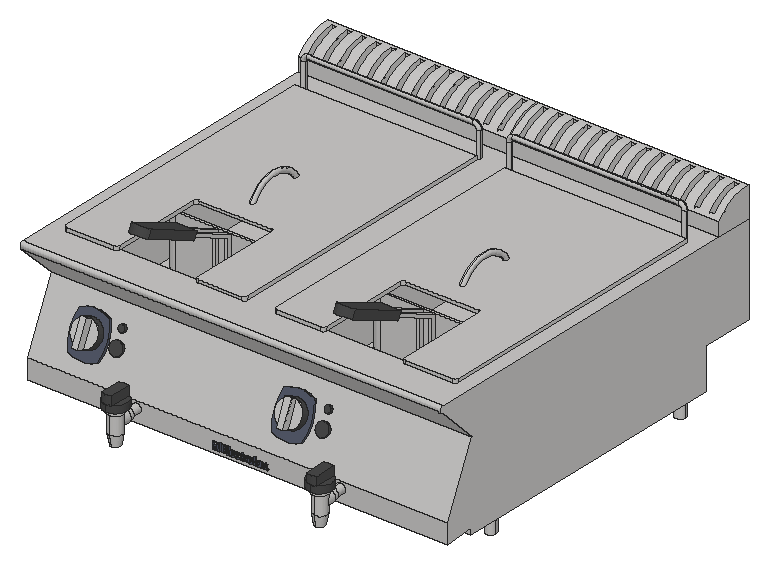
Revit family "QF_ELECTROLUXPROFESSIONAL_371423_E7KKBTAOMEI", category Attrezzature speciali, Revit 2018 (continued)
Automatic sketch dimensions
  Extrusion 31 sketch curve to Extrusion 31 sketch curve = 57.15 mm
  plane 1 "BACK" to Extrusion 32 sketch curve = 6.761 mm
  plane 3 "LEFT" to Extrusion 32 sketch curve = 78.433 mm
  Extrusion 32 sketch curve to Extrusion 32 sketch curve = 9.296 mm
  Extrusion 32 sketch curve to Extrusion 32 sketch curve = 57.15 mm
  plane 1 "BACK" to Extrusion 33 sketch curve = 6.761 mm
  plane 3 "LEFT" to Extrusion 33 sketch curve = 106.275 mm
  Extrusion 33 sketch curve to Extrusion 33 sketch curve = 9.296 mm
  Extrusion 33 sketch curve to Extrusion 33 sketch curve = 57.15 mm
  plane 1 "BACK" to Extrusion 34 sketch curve = 6.761 mm
  plane 3 "LEFT" to Extrusion 34 sketch curve = 134.118 mm
  Extrusion 34 sketch curve to Extrusion 34 sketch curve = 9.296 mm
  Extrusion 34 sketch curve to Extrusion 34 sketch curve = 57.15 mm
  plane 1 "BACK" to Extrusion 35 sketch curve = 6.761 mm
  plane 3 "LEFT" to Extrusion 35 sketch curve = 161.96 mm
  Extrusion 35 sketch curve to Extrusion 35 sketch curve = 9.296 mm
  Extrusion 35 sketch curve to Extrusion 35 sketch curve = 57.15 mm
  plane 1 "BACK" to Extrusion 36 sketch curve = 6.761 mm
  plane 3 "LEFT" to Extrusion 36 sketch curve = 189.802 mm
  Extrusion 36 sketch curve to Extrusion 36 sketch curve = 9.296 mm
  Extrusion 36 sketch curve to Extrusion 36 sketch curve = 57.15 mm
  plane 1 "BACK" to Extrusion 37 sketch curve = 6.761 mm
  Extrusion 37 sketch curve to plane 7 "Center Y" = 182.405 mm
  Extrusion 37 sketch curve to Extrusion 37 sketch curve = 9.296 mm
  Extrusion 37 sketch curve to Extrusion 37 sketch curve = 57.15 mm
  plane 1 "BACK" to Extrusion 38 sketch curve = 6.761 mm
  Extrusion 38 sketch curve to plane 7 "Center Y" = 154.563 mm
  Extrusion 38 sketch curve to Extrusion 38 sketch curve = 9.296 mm
  Extrusion 38 sketch curve to Extrusion 38 sketch curve = 57.15 mm
  plane 1 "BACK" to Extrusion 39 sketch curve = 6.761 mm
  Extrusion 39 sketch curve to plane 7 "Center Y" = 126.721 mm
  Extrusion 39 sketch curve to Extrusion 39 sketch curve = 9.296 mm
  Extrusion 39 sketch curve to Extrusion 39 sketch curve = 57.15 mm
  plane 1 "BACK" to Extrusion 40 sketch curve = 6.761 mm
  Extrusion 40 sketch curve to plane 7 "Center Y" = 98.878 mm
  Extrusion 40 sketch curve to Extrusion 40 sketch curve = 9.296 mm
  Extrusion 40 sketch curve to Extrusion 40 sketch curve = 57.15 mm
  plane 1 "BACK" to Extrusion 41 sketch curve = 6.761 mm
  Extrusion 41 sketch curve to plane 7 "Center Y" = 71.036 mm
  Extrusion 41 sketch curve to Extrusion 41 sketch curve = 9.296 mm
  Extrusion 41 sketch curve to Extrusion 41 sketch curve = 57.15 mm
  plane 1 "BACK" to Extrusion 42 sketch curve = 6.761 mm
  Extrusion 42 sketch curve to plane 7 "Center Y" = 43.194 mm
  Extrusion 42 sketch curve to Extrusion 42 sketch curve = 9.296 mm
  Extrusion 42 sketch curve to Extrusion 42 sketch curve = 57.15 mm
  Extrusion 44 sketch curve to plane 1 "BACK" = 6.761 mm
  Extrusion 44 sketch curve to plane 7 "Center Y" = 15.351 mm
  Extrusion 44 sketch curve to Extrusion 44 sketch curve = 9.296 mm
  Extrusion 44 sketch curve to Extrusion 44 sketch curve = 57.15 mm
  Extrusion 51 sketch curve to plane 1 "BACK" = 6.761 mm
  Extrusion 51 sketch curve to plane 7 "Center Y" = 182.405 mm
  Extrusion 51 sketch curve to Extrusion 51 sketch curve = 9.296 mm
  Extrusion 51 sketch curve to Extrusion 51 sketch curve = 57.15 mm
  Extrusion 52 sketch curve to plane 1 "BACK" = 6.761 mm
  Extrusion 52 sketch curve to plane 7 "Center Y" = 154.563 mm
  Extrusion 52 sketch curve to Extrusion 52 sketch curve = 9.296 mm
  Extrusion 52 sketch curve to Extrusion 52 sketch curve = 57.15 mm
  Extrusion 53 sketch curve to plane 1 "BACK" = 6.761 mm
  Extrusion 53 sketch curve to plane 7 "Center Y" = 126.721 mm
  Extrusion 53 sketch curve to Extrusion 53 sketch curve = 9.296 mm
  Extrusion 53 sketch curve to Extrusion 53 sketch curve = 57.15 mm
  Extrusion 54 sketch curve to plane 1 "BACK" = 6.761 mm
  Extrusion 54 sketch curve to plane 7 "Center Y" = 98.878 mm
  Extrusion 54 sketch curve to Extrusion 54 sketch curve = 9.296 mm
  Extrusion 54 sketch curve to Extrusion 54 sketch curve = 57.15 mm
  Extrusion 55 sketch curve to plane 1 "BACK" = 6.761 mm
  Extrusion 55 sketch curve to plane 7 "Center Y" = 71.036 mm
  Extrusion 55 sketch curve to Extrusion 55 sketch curve = 9.296 mm
  Extrusion 55 sketch curve to Extrusion 55 sketch curve = 57.15 mm
  Extrusion 56 sketch curve to plane 1 "BACK" = 6.761 mm
  Extrusion 56 sketch curve to plane 7 "Center Y" = 43.194 mm
  Extrusion 56 sketch curve to Extrusion 56 sketch curve = 9.296 mm
  Extrusion 56 sketch curve to Extrusion 56 sketch curve = 57.15 mm
  plane 7 "Center Y" to Extrusion 57 sketch curve = 1.588 mm
  Extrusion 57 sketch curve to plane 7 "Center Y" = 1.587 mm
  Extrusion 57 sketch curve to plane 1 "BACK" = 0.00 mm
  Extrusion 57 sketch curve to Extrusion 57 sketch curve = 69.85 mm
  Extrusion 1 sketch curve to plane 10 "TOP A" = 0.00 mm
  Extrusion 1 sketch curve to plane 9 "BASE" = 0.00 mm
  Extrusion 1 sketch curve to plane 1 "BACK" = 0.00 mm
  Extrusion 1 sketch curve to plane 12 = 46.038 mm
  plane 11 to Extrusion 1 sketch curve = 59.531 mm
  plane 9 "BASE" to Extrusion 1 sketch curve = 12.70 mm
  plane 11 to Extrusion 1 sketch curve = 62.516 mm
  Extrusion 1 sketch curve to plane 5 "FRONT" = 16.478 mm
  Extrusion 1 sketch curve to plane 5 "FRONT" = 4.973 mm
  Extrusion 1 sketch curve to plane 5 "FRONT" = 0.483 mm
  plane 9 "BASE" to Extrusion 1 sketch curve = 7.09 mm
  Extrusion 1 sketch curve to Extrusion 1 sketch curve = 38.10 mm
  plane 9 "BASE" to Extrusion 1 sketch curve = 77.788 mm
  Extrusion 1 sketch curve to plane 10 "TOP A" = 83.191 mm
  Extrusion 1 sketch curve to plane 10 "TOP A" = 10.84 mm
  Extrusion 2 sketch curve to plane 10 "TOP A" = 0.00 mm
  Extrusion 2 sketch curve to plane 1 "BACK" = 0.00 mm
  Extrusion 2 sketch curve to plane 6 "TOP" = 0.00 mm
  plane 1 "BACK" to Extrusion 2 sketch curve = 1.769 mm
  plane 10 "TOP A" to Extrusion 2 sketch curve = 25.40 mm
  plane 1 "BACK" to Extrusion 2 sketch curve = 69.85 mm
  plane 12 to Extrusion 3 sketch curve = 0.124 mm  (x2)
  Extrusion 3 sketch curve to plane 4 "RIGHT" = 33.338 mm
  plane 7 "Center Y" to Extrusion 3 sketch curve = 26.988 mm
  Extrusion 3 sketch curve to plane 7 "Center Y" = 26.988 mm
  plane 3 "LEFT" to Extrusion 3 sketch curve = 33.338 mm
  plane 11 to Extrusion 3 sketch curve = 57.877 mm
  Extrusion 3 sketch curve to Extrusion 3 sketch curve = 0.00 mm
  plane 11 to Extrusion 5 sketch curve = 0.00 mm  (x2)
  plane 12 to Extrusion 5 sketch curve = 0.00 mm  (x2)
  plane 3 "LEFT" to Extrusion 5 sketch curve = 11.112 mm  (x2)
  Extrusion 5 sketch curve to plane 4 "RIGHT" = 11.113 mm  (x2)
  Extrusion 6 sketch curve to Extrusion 1 = 31.333 mm  (x4)
  Extrusion 6 sketch curve to Extrusion 6 sketch curve = 12.30 mm  (x6)
  Extrusion 6 sketch curve to Extrusion 6 sketch curve = 34.925 mm  (x4)
  Extrusion 1 to Extrusion 6 sketch curve = 44.467 mm  (x2)
  Extrusion 1 to Extrusion 6 sketch curve = 260.873 mm
  Extrusion 6 sketch curve to Extrusion 6 sketch curve = 25.727 mm  (x4)
  Extrusion 6 sketch curve to Extrusion 6 sketch curve = 28.575 mm  (x2)
  Extrusion 1 to Extrusion 6 sketch curve = 150.405 mm
  Extrusion 7 sketch curve to Extrusion 7 sketch curve = 0.00 mm
  Extrusion 7 sketch curve to Extrusion 7 sketch curve = 388.937 mm
  Extrusion 8 sketch curve to Extrusion 8 sketch curve = 24.732 mm  (x2)
  Extrusion 8 sketch curve to Extrusion 8 sketch curve = 0.00 mm  (x2)
  Extrusion 1 to Extrusion 9 sketch curve = 39.678 mm  (x2)
  Extrusion 1 to Extrusion 9 sketch curve = 258.402 mm
  Extrusion 1 to Extrusion 9 sketch curve = 149.585 mm
  Extrusion 10 sketch curve to Extrusion 1 = 61.922 mm  (x2)
  Extrusion 1 to Extrusion 10 sketch curve = 258.402 mm
  Extrusion 1 to Extrusion 10 sketch curve = 149.585 mm
  Revolve 11 sketch curve to plane 9 "BASE" = 8.123 mm
  plane 5 "FRONT" to Revolve 11 sketch curve = 32.926 mm
  Revolve 11 sketch curve to Revolve 11 sketch curve = 0.00 mm
  Revolve 11 sketch curve to Revolve 11 sketch curve = 9.009 mm
  plane 5 "FRONT" to Revolve 11 sketch curve = 20.301 mm
  Revolve 11 sketch curve to Revolve 11 sketch curve = 3.277 mm
  Revolve 11 sketch curve to Revolve 11 sketch curve = 6.35 mm
  plane 9 "BASE" to Revolve 11 sketch curve = 12.388 mm
  Revolve 11 sketch curve to Revolve 11 sketch curve = 36.341 mm
  Revolve 11 sketch curve to Revolve 11 sketch curve = 7.879 mm
  Revolve 11 sketch curve to Revolve 11 sketch curve = 12.70 mm  (x2)
  Revolve 11 sketch curve to Revolve 11 sketch curve = 15.064 mm
  plane 5 "FRONT" to Revolve 12 sketch curve = 34.322 mm
  plane 5 "FRONT" to Revolve 12 sketch curve = 12.357 mm
  plane 5 "FRONT" to Revolve 12 sketch curve = 3.364 mm
  Revolve 12 sketch curve to plane 5 "FRONT" = 16.478 mm
  Revolve 12 sketch curve to Revolve 12 sketch curve = 0.00 mm  (x2)
  Revolve 12 sketch curve to Revolve 12 sketch curve = 9.137 mm
  plane 9 "BASE" to Revolve 12 sketch curve = 19.447 mm
  Revolve 12 sketch curve to Revolve 12 sketch curve = 1.702 mm
  Revolve 12 sketch curve to Revolve 12 sketch curve = 2.047 mm
  Revolve 12 sketch curve to Revolve 12 sketch curve = 12.303 mm
  Revolve 13 sketch curve to plane 9 "BASE" = 8.123 mm
  plane 5 "FRONT" to Revolve 13 sketch curve = 32.926 mm
  Revolve 13 sketch curve to Revolve 13 sketch curve = 0.00 mm
  Revolve 13 sketch curve to Revolve 13 sketch curve = 9.009 mm
  plane 5 "FRONT" to Revolve 13 sketch curve = 20.301 mm
  Revolve 13 sketch curve to Revolve 13 sketch curve = 3.277 mm
  Revolve 13 sketch curve to Revolve 13 sketch curve = 6.35 mm
  plane 9 "BASE" to Revolve 13 sketch curve = 12.388 mm
  Revolve 13 sketch curve to Revolve 13 sketch curve = 36.341 mm
  Revolve 13 sketch curve to Revolve 13 sketch curve = 7.879 mm
  Revolve 13 sketch curve to Revolve 13 sketch curve = 12.70 mm  (x2)
  Revolve 13 sketch curve to Revolve 13 sketch curve = 15.064 mm
  plane 5 "FRONT" to Revolve 14 sketch curve = 34.322 mm
  plane 5 "FRONT" to Revolve 14 sketch curve = 12.357 mm
  plane 5 "FRONT" to Revolve 14 sketch curve = 3.364 mm
  Revolve 14 sketch curve to plane 5 "FRONT" = 16.478 mm
  Revolve 14 sketch curve to Revolve 14 sketch curve = 0.00 mm  (x2)
  Revolve 14 sketch curve to Revolve 14 sketch curve = 9.137 mm
  plane 9 "BASE" to Revolve 14 sketch curve = 19.447 mm
  Revolve 14 sketch curve to Revolve 14 sketch curve = 1.702 mm
  Revolve 14 sketch curve to Revolve 14 sketch curve = 2.047 mm
  Revolve 14 sketch curve to Revolve 14 sketch curve = 12.303 mm
  Extrusion 15 sketch curve to Extrusion 15 sketch curve = 0.00 mm  (x5)
  Extrusion 15 sketch curve to Extrusion 15 sketch curve = 20.063 mm  (x2)
  Revolve 11 to Extrusion 15 sketch curve = 9.626 mm
  Extrusion 15 sketch curve to Revolve 11 = 9.626 mm
  Extrusion 15 sketch curve to Extrusion 15 sketch curve = 369.686 mm
  Extrusion 15 sketch curve to Extrusion 15 sketch curve = 9.626 mm
  Extrusion 1 to Extrusion 16 sketch curve = 33.906 mm
  plane 1 "BACK" to Extrusion 17 sketch curve = 0.00 mm
  Extrusion 17 sketch curve to plane 3 "LEFT" = 0.00 mm
  Extrusion 17 sketch curve to plane 4 "RIGHT" = 0.00 mm
  Extrusion 17 sketch curve to plane 3 "LEFT" = 150.019 mm
  plane 5 "FRONT" to Extrusion 17 sketch curve = 1.377 mm  (x2)
  plane 4 "RIGHT" to Extrusion 17 sketch curve = 150.019 mm
  Extrusion 17 sketch curve to plane 1 "BACK" = 150.019 mm
  curve 7 to plane 4 "RIGHT" = 0.00 mm
  plane 5 "FRONT" to curve 93 = 0.00 mm
  curve 6 to plane 3 "LEFT" = 0.00 mm
  plane 1 "BACK" to curve 4 = 0.00 mm
  plane 4 "RIGHT" to curve 3 = 150.019 mm
  curve 134 to plane 4 "RIGHT" = 13.453 mm
  curve 134 to curve 133 = 9.296 mm
  curve 43 to plane 4 "RIGHT" = 26.988 mm
  curve 44 to curve 45 = 6.35 mm
  curve 43 to curve 81 = 10.61 mm
  curve 140 to curve 139 = 9.296 mm
  curve 143 to curve 142 = 9.296 mm
  curve 142 to curve 146 = 18.547 mm
  curve 146 to curve 145 = 9.296 mm
  curve 45 to curve 46 = 88.90 mm
  curve 145 to curve 149 = 18.547 mm
  curve 46 to curve 61 = 6.35 mm
  curve 149 to curve 150 = 9.296 mm
  curve 47 to curve 48 = 6.35 mm
  plane 1 "BACK" to curve 153 = 6.761 mm
  curve 148 to curve 153 = 18.547 mm
  curve 152 to curve 151 = 9.296 mm
  plane 1 "BACK" to curve 156 = 6.761 mm
  curve 151 to curve 156 = 18.547 mm
  curve 47 to curve 67 = 54.879 mm
  curve 60 to curve 67 = 0.00 mm  (x2)
  curve 59 to plane 11 = 5.711 mm
  curve 47 to curve 59 = 58.32 mm
  curve 155 to curve 156 = 9.296 mm
  curve 48 to curve 64 = 56.049 mm
  plane 5 "FRONT" to curve 93 = 13.586 mm
  curve 60 to curve 93 = 8.46 mm
  curve 48 to curve 68 = 60.633 mm
  curve 93 to curve 90 = 1.381 mm
  curve 64 to curve 63 = 5.857 mm
  curve 68 to curve 70 = 4.449 mm
  curve 67 to curve 67 = 18.617 mm
  curve 90 to curve 89 = 9.626 mm
  plane 1 "BACK" to curve 159 = 6.761 mm
  curve 156 to curve 159 = 18.547 mm
  curve 63 to curve 66 = 17.363 mm
  curve 88 to curve 91 = 9.626 mm
  curve 91 to curve 92 = 1.488 mm
  curve 158 to curve 157 = 9.296 mm
  curve 66 to curve 65 = 5.857 mm
  curve 60 to curve 57 = 18.617 mm
  plane 1 "BACK" to curve 161 = 6.761 mm
  curve 157 to curve 161 = 18.547 mm
  curve 161 to curve 162 = 9.296 mm
  plane 1 "BACK" to curve 165 = 6.761 mm
  curve 160 to curve 165 = 18.547 mm
  curve 65 to curve 50 = 51.399 mm
  curve 164 to curve 163 = 9.296 mm
  curve 50 to curve 50 = 6.35 mm
  curve 51 to curve 52 = 6.35 mm
  plane 1 "BACK" to curve 168 = 6.761 mm
  curve 163 to curve 168 = 18.547 mm
  curve 167 to curve 166 = 9.296 mm
  plane 1 "BACK" to curve 171 = 6.761 mm
  curve 166 to curve 171 = 18.547 mm
  curve 170 to curve 169 = 9.296 mm
  curve 169 to curve 173 = 18.547 mm
  plane 7 "Center Y" to curve 53 = 33.338 mm
  plane 7 "Center Y" to curve 80 = 28.891 mm
  curve 54 to curve 55 = 6.35 mm
  curve 172 to curve 137 = 18.547 mm
  curve 137 to curve 136 = 9.296 mm
  plane 1 "BACK" to curve 94 = 6.761 mm
  curve 94 to plane 7 "Center Y" = 15.351 mm
  curve 94 to curve 95 = 9.296 mm
  curve 23 to plane 7 "Center Y" = 26.988 mm
  curve 23 to curve 76 = 1.903 mm
  curve 22 to curve 22 = 6.35 mm
  plane 1 "BACK" to curve 132 = 6.761 mm
  curve 95 to curve 132 = 18.547 mm
  plane 1 "BACK" to curve 129 = 6.761 mm
  curve 131 to curve 129 = 18.547 mm
  plane 1 "BACK" to curve 126 = 6.761 mm
  curve 128 to curve 126 = 18.547 mm
  curve 124 to curve 125 = 9.296 mm
  curve 22 to curve 20 = 82.55 mm
  curve 41 to plane 7 "Center Y" = 122.238 mm
  plane 1 "BACK" to curve 123 = 6.761 mm
  curve 125 to curve 123 = 18.547 mm
  curve 18 to curve 17 = 6.35 mm
  curve 121 to curve 122 = 9.296 mm
  plane 1 "BACK" to curve 118 = 6.761 mm
  curve 122 to curve 118 = 18.547 mm
  curve 118 to curve 119 = 9.296 mm
  curve 19 to curve 31 = 53.67 mm
  curve 26 to curve 34 = 4.079 mm
  plane 1 "BACK" to curve 117 = 6.761 mm
  curve 119 to curve 117 = 18.547 mm
  curve 26 to curve 86 = 6.654 mm
  curve 86 to curve 85 = 1.488 mm
  curve 34 to curve 35 = 5.857 mm
  curve 115 to curve 117 = 9.296 mm
  curve 85 to curve 82 = 9.626 mm
  curve 36 to curve 36 = 18.617 mm
  curve 29 to curve 36 = 0.00 mm
  plane 8 "Center X" to curve 38 = 38.031 mm
  curve 18 to curve 38 = 66.994 mm
  curve 40 to curve 40 = 4.449 mm
  curve 35 to curve 32 = 17.363 mm
  curve 82 to curve 84 = 9.626 mm
  curve 84 to curve 87 = 1.381 mm
  curve 32 to curve 33 = 5.857 mm
  curve 116 to curve 112 = 18.547 mm
  curve 29 to curve 36 = 18.617 mm
  curve 36 to curve 36 = 3.442 mm
  curve 36 to curve 29 = 3.442 mm
  curve 109 to curve 110 = 9.296 mm
  curve 33 to curve 16 = 56.049 mm
  curve 110 to curve 106 = 18.547 mm
  curve 30 to curve 14 = 58.32 mm
  curve 106 to curve 107 = 9.296 mm
  curve 15 to curve 14 = 6.35 mm
  plane 1 "BACK" to curve 105 = 6.761 mm
  curve 107 to curve 105 = 18.547 mm
  curve 103 to curve 104 = 9.296 mm
  plane 1 "BACK" to curve 102 = 6.761 mm
  curve 104 to curve 102 = 18.547 mm
  curve 100 to curve 101 = 9.296 mm
  plane 1 "BACK" to curve 99 = 6.761 mm
  curve 101 to curve 99 = 18.547 mm
  curve 97 to curve 98 = 9.296 mm
  curve 98 to curve 75 = 3.697 mm
  plane 3 "LEFT" to curve 13 = 33.338 mm
  curve 75 to curve 24 = 10.61 mm
  plane 1 "BACK" to curve 8 = 6.761 mm
  curve 98 to curve 8 = 18.547 mm
  curve 8 to curve 9 = 9.296 mm
  plane 5 "FRONT" to curve 1 = 1.377 mm
  curve 1 to plane 3 "LEFT" = 150.019 mm
  curve 1 to plane 1 "BACK" = 150.019 mm
  plane 1 "BACK" to curve 174 = 6.761 mm
  plane 1 "BACK" to curve 150 = 6.761 mm
  plane 1 "BACK" to curve 147 = 6.761 mm
  plane 1 "BACK" to curve 144 = 6.761 mm
  plane 1 "BACK" to curve 141 = 6.761 mm
  plane 1 "BACK" to curve 138 = 6.761 mm
  plane 1 "BACK" to curve 135 = 6.761 mm
  plane 1 "BACK" to curve 114 = 6.761 mm
  plane 1 "BACK" to curve 111 = 6.761 mm
  plane 1 "BACK" to curve 108 = 6.761 mm
  curve 8 to curve 8 = 57.15 mm
  curve 113 to curve 113 = 57.15 mm
  curve 112 to curve 115 = 0.00 mm
  curve 115 to curve 118 = 0.00 mm
  curve 130 to curve 94 = 0.00 mm
  curve 134 to curve 177 = 5.939 mm
  curve 137 to curve 78 = 36.504 mm
  curve 95 to curve 74 = 36.504 mm
  curve 78 to curve 79 = 7.655 mm
  curve 74 to curve 77 = 7.655 mm
  curve 75 to curve 24 = 4.767 mm
  curve 79 to curve 55 = 4.767 mm
  plane 8 "Center X" to curve 71 = 38.031 mm
  curve 70 to plane 8 "Center X" = 63.432 mm
  curve 39 to plane 8 "Center X" = 63.432 mm
  curve 38 to curve 18 = 46.229 mm
  curve 69 to curve 49 = 46.229 mm
  curve 50 to curve 72 = 22.324 mm
  curve 16 to curve 41 = 22.324 mm
  curve 16 to curve 32 = 25.499 mm
  curve 48 to curve 64 = 25.499 mm
  curve 32 to plane 11 = 5.711 mm
  plane 11 to curve 11 = 57.877 mm
  plane 11 to curve 62 = 57.877 mm
  plane 11 to curve 46 = 57.877 mm
  curve 30 to curve 31 = 0.00 mm
  curve 61 to curve 67 = 33.188 mm
  curve 30 to curve 36 = 33.188 mm
  curve 67 to curve 60 = 6.713 mm  (x2)
  curve 36 to curve 29 = 6.713 mm
  curve 60 to curve 67 = 4.011 mm
  curve 29 to curve 36 = 4.011 mm
  curve 36 to curve 28 = 6.713 mm
  plane 5 "FRONT" to curve 3 = 1.377 mm
  plane 5 "FRONT" to curve 83 = 10.673 mm
  curve 89 to curve 93 = 2.913 mm
  curve 82 to curve 85 = 2.19 mm
  Extrusion 18 sketch curve to plane 4 "RIGHT" = 26.988 mm
  Extrusion 18 sketch curve to Extrusion 18 sketch curve = 6.35 mm  (x8)
  Extrusion 18 sketch curve to Extrusion 18 sketch curve = 88.90 mm
  Extrusion 18 sketch curve to plane 4 "RIGHT" = 128.588 mm
  plane 7 "Center Y" to Extrusion 18 sketch curve = 128.588 mm
  plane 11 to Extrusion 18 sketch curve = 57.877 mm  (x4)
  plane 7 "Center Y" to Extrusion 18 sketch curve = 122.238 mm
  plane 7 "Center Y" to Extrusion 18 sketch curve = 33.338 mm
  Extrusion 18 sketch curve to plane 7 "Center Y" = 26.988 mm
  Extrusion 18 sketch curve to Extrusion 18 sketch curve = 82.55 mm
  plane 3 "LEFT" to Extrusion 18 sketch curve = 134.938 mm
  plane 3 "LEFT" to Extrusion 18 sketch curve = 128.588 mm
  plane 3 "LEFT" to Extrusion 18 sketch curve = 33.338 mm
  plane 3 "LEFT" to Extrusion 18 sketch curve = 26.988 mm
  Extrusion 18 sketch curve to plane 8 "Center X" = 116.012 mm  (x2)
  Extrusion 18 sketch curve to plane 12 = 34.801 mm  (x2)
  Sweep 19 sketch curve to plane 10 "TOP A" = 0.00 mm  (x2)
  Sweep 19 sketch curve to plane 6 "TOP" = 9.525 mm
  plane 3 "LEFT" to Sweep 19 sketch curve = 39.688 mm
  Sweep 19 sketch curve to Sweep 19 sketch curve = 6.35 mm  (x2)
  Sweep 19 sketch curve to plane 7 "Center Y" = 37.331 mm
  Sweep 19 sketch curve to profile plane = 2.09 mm
  profile plane to Sweep 19 sketch curve = 140.754 mm
  Extrusion 26 sketch curve to Extrusion 26 sketch curve = 0.00 mm  (x16)
  Extrusion 26 sketch curve to plane 4 "RIGHT" = 91.225 mm
  Extrusion 26 sketch curve to Extrusion 26 sketch curve = 3.175 mm  (x2)
  Extrusion 26 sketch curve to Extrusion 26 sketch curve = 22.225 mm  (x6)
  plane 7 "Center Y" to Extrusion 26 sketch curve = 105.625 mm  (x2)
  plane 12 to Extrusion 26 sketch curve = 44.673 mm
  Extrusion 26 sketch curve to plane 7 "Center Y" = 80.225 mm
  plane 3 "LEFT" to Extrusion 26 sketch curve = 116.625 mm  (x2)
  plane 12 to Extrusion 26 sketch curve = 41.498 mm
  Extrusion 26 sketch curve to plane 8 "Center X" = 116.11 mm  (x2)
  Sweep 29 sketch curve to plane 10 "TOP A" = 0.00 mm  (x2)
  Sweep 29 sketch curve to plane 6 "TOP" = 9.525 mm
  Sweep 29 sketch curve to plane 4 "RIGHT" = 39.688 mm
  Sweep 29 sketch curve to Sweep 29 sketch curve = 6.35 mm  (x2)
  plane 7 "Center Y" to Sweep 29 sketch curve = 37.331 mm
  profile plane to Sweep 29 sketch curve = 2.09 mm
  profile plane to Sweep 29 sketch curve = 140.754 mm
  Extrusion 43 sketch curve to plane 1 "BACK" = 6.761 mm
  plane 4 "RIGHT" to Extrusion 43 sketch curve = 22.749 mm
  Extrusion 43 sketch curve to Extrusion 43 sketch curve = 9.296 mm
  Extrusion 43 sketch curve to Extrusion 43 sketch curve = 57.15 mm
  Extrusion 45 sketch curve to plane 1 "BACK" = 6.761 mm
  plane 4 "RIGHT" to Extrusion 45 sketch curve = 50.591 mm
  Extrusion 45 sketch curve to Extrusion 45 sketch curve = 9.296 mm
  Extrusion 45 sketch curve to Extrusion 45 sketch curve = 57.15 mm
  Extrusion 46 sketch curve to plane 1 "BACK" = 6.761 mm
  plane 4 "RIGHT" to Extrusion 46 sketch curve = 78.433 mm
  Extrusion 46 sketch curve to Extrusion 46 sketch curve = 9.296 mm
  Extrusion 46 sketch curve to Extrusion 46 sketch curve = 57.15 mm
  Extrusion 47 sketch curve to plane 1 "BACK" = 6.761 mm
  plane 4 "RIGHT" to Extrusion 47 sketch curve = 106.275 mm
  Extrusion 47 sketch curve to Extrusion 47 sketch curve = 9.296 mm
  Extrusion 47 sketch curve to Extrusion 47 sketch curve = 57.15 mm
  Extrusion 48 sketch curve to plane 1 "BACK" = 6.761 mm
  plane 4 "RIGHT" to Extrusion 48 sketch curve = 134.118 mm
  Extrusion 48 sketch curve to Extrusion 48 sketch curve = 9.296 mm
  Extrusion 48 sketch curve to Extrusion 48 sketch curve = 57.15 mm
  Extrusion 49 sketch curve to plane 1 "BACK" = 6.761 mm
  plane 4 "RIGHT" to Extrusion 49 sketch curve = 161.96 mm
  Extrusion 49 sketch curve to Extrusion 49 sketch curve = 9.296 mm
  Extrusion 49 sketch curve to Extrusion 49 sketch curve = 57.15 mm
  Extrusion 50 sketch curve to plane 1 "BACK" = 6.761 mm
  plane 4 "RIGHT" to Extrusion 50 sketch curve = 189.802 mm
  Extrusion 50 sketch curve to Extrusion 50 sketch curve = 9.296 mm
  Extrusion 50 sketch curve to Extrusion 50 sketch curve = 57.15 mm
  plane 7 "Center Y" to curve 175 = 1.587 mm
  curve 176 to plane 7 "Center Y" = 1.588 mm
  curve 176 to curve 175 = 0.00 mm
  Extrusion 58 sketch curve to Extrusion 1 = 2.161 mm
  Extrusion 58 sketch curve to Extrusion 1 = 7.202 mm
  Extrusion 58 sketch curve to Extrusion 1 = 7.221 mm  (x2)
  Extrusion 58 sketch curve to Extrusion 58 sketch curve = 5.108 mm  (x2)
  Extrusion 58 sketch curve to Extrusion 58 sketch curve = 0.00 mm  (x27)
  Extrusion 58 sketch curve to Extrusion 1 = 7.322 mm
  Extrusion 58 sketch curve to Extrusion 58 sketch curve = 0.218 mm
  Extrusion 58 sketch curve to Extrusion 58 sketch curve = 0.195 mm
  Extrusion 58 sketch curve to Extrusion 58 sketch curve = 0.249 mm
  Extrusion 58 sketch curve to Extrusion 1 = 7.518 mm
  Extrusion 58 sketch curve to Extrusion 58 sketch curve = 0.087 mm
  Extrusion 58 sketch curve to Extrusion 58 sketch curve = 0.358 mm
  Extrusion 58 sketch curve to Extrusion 58 sketch curve = 0.481 mm
  Extrusion 58 sketch curve to Extrusion 58 sketch curve = 0.597 mm
  Extrusion 58 sketch curve to Extrusion 58 sketch curve = 0.544 mm
  Extrusion 58 sketch curve to Extrusion 58 sketch curve = 0.936 mm
  Extrusion 58 sketch curve to Extrusion 58 sketch curve = 0.594 mm
  Extrusion 58 sketch curve to Extrusion 58 sketch curve = 0.343 mm
  Extrusion 58 sketch curve to Extrusion 58 sketch curve = 0.159 mm
  Extrusion 58 sketch curve to Extrusion 58 sketch curve = 0.826 mm
  Extrusion 58 sketch curve to Extrusion 58 sketch curve = 0.839 mm
  Extrusion 58 sketch curve to Extrusion 58 sketch curve = 0.852 mm
  Extrusion 58 sketch curve to Extrusion 58 sketch curve = 0.887 mm
  Extrusion 58 sketch curve to Extrusion 58 sketch curve = 0.928 mm
  Extrusion 58 sketch curve to Extrusion 58 sketch curve = 0.938 mm
  Extrusion 58 sketch curve to Extrusion 58 sketch curve = 0.444 mm
  Extrusion 58 sketch curve to Extrusion 58 sketch curve = 1.11 mm  (x3)
  Extrusion 58 sketch curve to Extrusion 58 sketch curve = 0.215 mm
  Extrusion 58 sketch curve to Extrusion 58 sketch curve = 1.43 mm
  Extrusion 58 sketch curve to Extrusion 58 sketch curve = 1.188 mm
  Extrusion 58 sketch curve to Extrusion 58 sketch curve = 1.21 mm  (x2)
  Extrusion 58 sketch curve to Extrusion 58 sketch curve = 0.503 mm
  Extrusion 58 sketch curve to Extrusion 58 sketch curve = 0.488 mm
  Extrusion 58 sketch curve to Extrusion 58 sketch curve = 0.462 mm
  Extrusion 58 sketch curve to Extrusion 58 sketch curve = 1.386 mm
  Extrusion 58 sketch curve to Extrusion 58 sketch curve = 1.742 mm  (x2)
  Extrusion 58 sketch curve to Extrusion 58 sketch curve = 0.821 mm
  Extrusion 58 sketch curve to Extrusion 58 sketch curve = 0.497 mm
  Extrusion 58 sketch curve to Extrusion 58 sketch curve = 0.539 mm
  Extrusion 58 sketch curve to Extrusion 58 sketch curve = 0.686 mm
  Extrusion 58 sketch curve to Extrusion 58 sketch curve = 0.408 mm
  Extrusion 58 sketch curve to Extrusion 58 sketch curve = 0.743 mm
  Extrusion 58 sketch curve to Extrusion 58 sketch curve = 1.16 mm
  Extrusion 58 sketch curve to Extrusion 58 sketch curve = 0.329 mm
  Extrusion 58 sketch curve to Extrusion 58 sketch curve = 1.054 mm
  Extrusion 58 sketch curve to Extrusion 58 sketch curve = 1.056 mm
  Extrusion 58 sketch curve to Extrusion 58 sketch curve = 0.129 mm
  Extrusion 58 sketch curve to Extrusion 58 sketch curve = 0.489 mm
  Extrusion 58 sketch curve to Extrusion 58 sketch curve = 0.441 mm
  Extrusion 58 sketch curve to Extrusion 58 sketch curve = 1.151 mm
  Extrusion 58 sketch curve to Extrusion 58 sketch curve = 1.141 mm  (x2)
  Extrusion 58 sketch curve to Extrusion 58 sketch curve = 0.768 mm
  Extrusion 58 sketch curve to Extrusion 58 sketch curve = 1.653 mm
  Extrusion 58 sketch curve to Extrusion 58 sketch curve = 0.499 mm
  Extrusion 58 sketch curve to Extrusion 58 sketch curve = 0.964 mm
  Extrusion 58 sketch curve to Extrusion 58 sketch curve = 0.949 mm
  Extrusion 58 sketch curve to Extrusion 58 sketch curve = 1.345 mm  (x3)
  Extrusion 58 sketch curve to Extrusion 58 sketch curve = 1.101 mm
  Extrusion 58 sketch curve to Extrusion 58 sketch curve = 0.432 mm
  Extrusion 58 sketch curve to Extrusion 58 sketch curve = 1.142 mm
  Extrusion 58 sketch curve to Extrusion 58 sketch curve = 0.959 mm
  Extrusion 58 sketch curve to Extrusion 58 sketch curve = 0.176 mm
  Extrusion 58 sketch curve to Extrusion 58 sketch curve = 0.728 mm
  Extrusion 58 sketch curve to Extrusion 58 sketch curve = 3.375 mm  (x2)
  Extrusion 58 sketch curve to Extrusion 58 sketch curve = 0.541 mm
  Extrusion 58 sketch curve to Extrusion 58 sketch curve = 0.955 mm
  Extrusion 58 sketch curve to Extrusion 58 sketch curve = 1.251 mm
  Extrusion 58 sketch curve to Extrusion 58 sketch curve = 0.572 mm
  Extrusion 58 sketch curve to Extrusion 58 sketch curve = 1.92 mm
  Extrusion 58 sketch curve to Extrusion 58 sketch curve = 1.224 mm
  Extrusion 58 sketch curve to Extrusion 58 sketch curve = 0.745 mm
  Extrusion 58 sketch curve to Extrusion 58 sketch curve = 2.537 mm
  Extrusion 58 sketch curve to Extrusion 58 sketch curve = 0.896 mm  (x3)
  Extrusion 58 sketch curve to Extrusion 58 sketch curve = 0.036 mm
  Extrusion 58 sketch curve to Extrusion 58 sketch curve = 2.607 mm
  Extrusion 58 sketch curve to Extrusion 58 sketch curve = 0.066 mm
  Extrusion 58 sketch curve to Extrusion 58 sketch curve = 0.248 mm
  Extrusion 58 sketch curve to Extrusion 58 sketch curve = 0.449 mm
  Extrusion 58 sketch curve to Extrusion 58 sketch curve = 1.052 mm
  Extrusion 58 sketch curve to Extrusion 58 sketch curve = 1.863 mm
  Extrusion 58 sketch curve to Extrusion 58 sketch curve = 1.31 mm  (x2)
  Extrusion 58 sketch curve to Extrusion 58 sketch curve = 0.901 mm
  Extrusion 58 sketch curve to Extrusion 58 sketch curve = 1.107 mm
  Extrusion 58 sketch curve to Extrusion 58 sketch curve = 2.122 mm
  Extrusion 58 sketch curve to Extrusion 58 sketch curve = 2.101 mm
  Extrusion 58 sketch curve to Extrusion 58 sketch curve = 0.106 mm
  Extrusion 58 sketch curve to Extrusion 58 sketch curve = 0.029 mm
  Extrusion 58 sketch curve to Extrusion 58 sketch curve = 2.09 mm
  Extrusion 58 sketch curve to Extrusion 58 sketch curve = 1.279 mm
  Extrusion 58 sketch curve to Extrusion 58 sketch curve = 2.008 mm
  Extrusion 58 sketch curve to Extrusion 58 sketch curve = 0.738 mm
  Extrusion 58 sketch curve to Extrusion 58 sketch curve = 0.382 mm
  Extrusion 58 sketch curve to Extrusion 58 sketch curve = 0.384 mm
  Extrusion 58 sketch curve to Extrusion 58 sketch curve = 0.002 mm
  Extrusion 58 sketch curve to Extrusion 58 sketch curve = 0.561 mm
  Extrusion 58 sketch curve to Extrusion 58 sketch curve = 0.592 mm
  Extrusion 58 sketch curve to Extrusion 58 sketch curve = 2.692 mm
  Extrusion 58 sketch curve to Extrusion 58 sketch curve = 1.259 mm
  Extrusion 58 sketch curve to Extrusion 58 sketch curve = 0.802 mm
  Extrusion 58 sketch curve to Extrusion 58 sketch curve = 1.024 mm  (x2)
  Extrusion 58 sketch curve to Extrusion 58 sketch curve = 0.682 mm
  Extrusion 58 sketch curve to Extrusion 58 sketch curve = 5.934 mm
  Extrusion 58 sketch curve to Extrusion 58 sketch curve = 2.186 mm
  Extrusion 58 sketch curve to Extrusion 58 sketch curve = 0.337 mm
  Extrusion 58 sketch curve to Extrusion 58 sketch curve = 0.021 mm
  Extrusion 58 sketch curve to Extrusion 58 sketch curve = 1.005 mm
  Extrusion 58 sketch curve to Extrusion 58 sketch curve = 0.552 mm
  Extrusion 58 sketch curve to Extrusion 58 sketch curve = 0.778 mm
  Extrusion 58 sketch curve to Extrusion 58 sketch curve = 0.063 mm
  Extrusion 58 sketch curve to Extrusion 58 sketch curve = 1.023 mm
  Extrusion 58 sketch curve to Extrusion 58 sketch curve = 3.804 mm
  Extrusion 58 sketch curve to Extrusion 58 sketch curve = 0.486 mm
  Extrusion 58 sketch curve to Extrusion 58 sketch curve = 0.266 mm
  Extrusion 58 sketch curve to Extrusion 58 sketch curve = 1.547 mm
  Extrusion 58 sketch curve to Extrusion 58 sketch curve = 0.717 mm  (x2)
  Extrusion 58 sketch curve to Extrusion 58 sketch curve = 1.667 mm
  Extrusion 58 sketch curve to Extrusion 58 sketch curve = 3.174 mm
  Extrusion 58 sketch curve to Extrusion 58 sketch curve = 0.388 mm
  Extrusion 58 sketch curve to Extrusion 58 sketch curve = 1.342 mm
  Extrusion 58 sketch curve to Extrusion 58 sketch curve = 1.521 mm
  Extrusion 58 sketch curve to Extrusion 58 sketch curve = 0.124 mm
  Extrusion 58 sketch curve to Extrusion 58 sketch curve = 0.291 mm
  Extrusion 58 sketch curve to Extrusion 58 sketch curve = 1.049 mm  (x2)
  Extrusion 58 sketch curve to Extrusion 58 sketch curve = 1.70 mm
  Extrusion 58 sketch curve to Extrusion 58 sketch curve = 0.894 mm
  Extrusion 58 sketch curve to Extrusion 58 sketch curve = 0.989 mm
  Extrusion 58 sketch curve to Extrusion 58 sketch curve = 1.168 mm
  Extrusion 58 sketch curve to Extrusion 58 sketch curve = 1.594 mm
  Extrusion 58 sketch curve to Extrusion 58 sketch curve = 0.731 mm
  Extrusion 58 sketch curve to Extrusion 58 sketch curve = 1.566 mm
  Extrusion 58 sketch curve to Extrusion 58 sketch curve = 0.064 mm
  Extrusion 58 sketch curve to Extrusion 58 sketch curve = 0.556 mm  (x2)
  Extrusion 58 sketch curve to Extrusion 58 sketch curve = 0.48 mm
  Extrusion 58 sketch curve to Extrusion 58 sketch curve = 1.018 mm
  Extrusion 58 sketch curve to Extrusion 58 sketch curve = 0.787 mm
  Extrusion 58 sketch curve to Extrusion 58 sketch curve = 0.618 mm
  Extrusion 58 sketch curve to Extrusion 58 sketch curve = 1.672 mm
  Extrusion 58 sketch curve to Extrusion 58 sketch curve = 1.361 mm
  Extrusion 58 sketch curve to Extrusion 58 sketch curve = 0.822 mm
  Extrusion 58 sketch curve to Extrusion 58 sketch curve = 0.069 mm
  Extrusion 58 sketch curve to Extrusion 58 sketch curve = 1.88 mm
  Extrusion 58 sketch curve to Extrusion 58 sketch curve = 0.42 mm
  Extrusion 58 sketch curve to Extrusion 58 sketch curve = 0.062 mm
  Extrusion 58 sketch curve to Extrusion 58 sketch curve = 1.355 mm
  Extrusion 58 sketch curve to Extrusion 58 sketch curve = 2.34 mm
  Extrusion 58 sketch curve to Extrusion 58 sketch curve = 0.493 mm
  Extrusion 58 sketch curve to Extrusion 58 sketch curve = 0.136 mm
  Extrusion 58 sketch curve to Extrusion 58 sketch curve = 0.128 mm
  Extrusion 58 sketch curve to Extrusion 58 sketch curve = 3.616 mm
  Extrusion 58 sketch curve to Extrusion 58 sketch curve = 4.207 mm
  Extrusion 58 sketch curve to Extrusion 58 sketch curve = 0.183 mm
  Extrusion 58 sketch curve to Extrusion 58 sketch curve = 0.895 mm
  Extrusion 58 sketch curve to Extrusion 58 sketch curve = 1.314 mm
  Extrusion 58 sketch curve to Extrusion 58 sketch curve = 3.231 mm
  Extrusion 58 sketch curve to Extrusion 58 sketch curve = 1.299 mm
  Extrusion 58 sketch curve to Extrusion 58 sketch curve = 1.214 mm
  Extrusion 58 sketch curve to Extrusion 58 sketch curve = 1.264 mm
  Extrusion 58 sketch curve to Extrusion 58 sketch curve = 0.109 mm
  Extrusion 58 sketch curve to Extrusion 58 sketch curve = 0.357 mm
  Extrusion 58 sketch curve to Extrusion 58 sketch curve = 0.565 mm
  Extrusion 58 sketch curve to Extrusion 58 sketch curve = 2.504 mm
  Extrusion 58 sketch curve to Extrusion 58 sketch curve = 2.459 mm
  Extrusion 1 to Extrusion 58 sketch curve = 341.861 mm
  Extrusion 58 sketch curve to Extrusion 58 sketch curve = 0.208 mm
  Extrusion 58 sketch curve to Extrusion 58 sketch curve = 0.468 mm  (x2)
  Extrusion 58 sketch curve to Extrusion 58 sketch curve = 1.559 mm
  Extrusion 58 sketch curve to Extrusion 58 sketch curve = 0.422 mm  (x2)
  Extrusion 58 sketch curve to Extrusion 58 sketch curve = 0.494 mm
  Extrusion 58 sketch curve to Extrusion 58 sketch curve = 3.927 mm
  Extrusion 58 sketch curve to Extrusion 58 sketch curve = 0.782 mm
  Extrusion 58 sketch curve to Extrusion 58 sketch curve = 1.268 mm
  Extrusion 58 sketch curve to Extrusion 58 sketch curve = 0.671 mm
  Extrusion 58 sketch curve to Extrusion 58 sketch curve = 0.777 mm
  Extrusion 58 sketch curve to Extrusion 58 sketch curve = 0.704 mm
  Extrusion 58 sketch curve to Extrusion 58 sketch curve = 0.781 mm  (x2)
  Extrusion 58 sketch curve to Extrusion 58 sketch curve = 1.634 mm
  Extrusion 58 sketch curve to Extrusion 58 sketch curve = 0.132 mm
  Extrusion 58 sketch curve to Extrusion 58 sketch curve = 3.136 mm
  Extrusion 58 sketch curve to Extrusion 58 sketch curve = 2.422 mm
  Extrusion 58 sketch curve to Extrusion 58 sketch curve = 0.586 mm
  Extrusion 58 sketch curve to Extrusion 58 sketch curve = 2.046 mm  (x2)
  Extrusion 58 sketch curve to Extrusion 58 sketch curve = 1.241 mm
  Extrusion 58 sketch curve to Extrusion 58 sketch curve = 1.689 mm
  Extrusion 58 sketch curve to Extrusion 58 sketch curve = 2.859 mm
  Extrusion 58 sketch curve to Extrusion 58 sketch curve = 0.627 mm
  Extrusion 58 sketch curve to Extrusion 58 sketch curve = 0.863 mm
  Extrusion 58 sketch curve to Extrusion 58 sketch curve = 0.419 mm
  Extrusion 58 sketch curve to Extrusion 58 sketch curve = 1.514 mm
  Extrusion 58 sketch curve to Extrusion 58 sketch curve = 1.019 mm
  Extrusion 58 sketch curve to Extrusion 58 sketch curve = 0.065 mm
  Extrusion 58 sketch curve to Extrusion 58 sketch curve = 1.215 mm
  Extrusion 58 sketch curve to Extrusion 58 sketch curve = 2.708 mm
  Extrusion 58 sketch curve to Extrusion 58 sketch curve = 1.122 mm
  Extrusion 58 sketch curve to Extrusion 58 sketch curve = 1.153 mm
  Extrusion 58 sketch curve to Extrusion 58 sketch curve = 3.009 mm
  Extrusion 58 sketch curve to Extrusion 58 sketch curve = 0.829 mm  (x2)
  Extrusion 58 sketch curve to Extrusion 58 sketch curve = 0.934 mm
  Extrusion 58 sketch curve to Extrusion 58 sketch curve = 3.376 mm
  Extrusion 58 sketch curve to Extrusion 58 sketch curve = 0.222 mm
  Extrusion 58 sketch curve to Extrusion 58 sketch curve = 1.383 mm
  Extrusion 58 sketch curve to Extrusion 58 sketch curve = 1.556 mm
  Extrusion 58 sketch curve to Extrusion 58 sketch curve = 2.559 mm
  Extrusion 58 sketch curve to Extrusion 58 sketch curve = 2.51 mm
  Extrusion 58 sketch curve to Extrusion 58 sketch curve = 0.131 mm
  Extrusion 58 sketch curve to Extrusion 58 sketch curve = 1.717 mm
  Extrusion 58 sketch curve to Extrusion 58 sketch curve = 1.134 mm
  Extrusion 58 sketch curve to Extrusion 58 sketch curve = 0.366 mm
  Extrusion 58 sketch curve to Extrusion 58 sketch curve = 0.094 mm
  Extrusion 58 sketch curve to Extrusion 58 sketch curve = 1.584 mm
  Extrusion 58 sketch curve to Extrusion 58 sketch curve = 1.501 mm
  Extrusion 58 sketch curve to Extrusion 58 sketch curve = 0.27 mm
  Extrusion 58 sketch curve to Extrusion 58 sketch curve = 1.808 mm
  Extrusion 58 sketch curve to Extrusion 58 sketch curve = 0.643 mm
  Extrusion 58 sketch curve to Extrusion 58 sketch curve = 0.916 mm
  Extrusion 58 sketch curve to Extrusion 58 sketch curve = 0.352 mm
  Extrusion 58 sketch curve to Extrusion 58 sketch curve = 0.458 mm
  Extrusion 58 sketch curve to Extrusion 58 sketch curve = 1.282 mm
  Extrusion 58 sketch curve to Extrusion 58 sketch curve = 1.363 mm
  Extrusion 58 sketch curve to Extrusion 58 sketch curve = 0.685 mm
  Extrusion 58 sketch curve to Extrusion 58 sketch curve = 0.905 mm
  Extrusion 58 sketch curve to Extrusion 58 sketch curve = 2.865 mm
  Extrusion 58 sketch curve to Extrusion 58 sketch curve = 0.472 mm
  Extrusion 58 sketch curve to Extrusion 58 sketch curve = 0.101 mm
  Extrusion 58 sketch curve to Extrusion 58 sketch curve = 0.54 mm
  Extrusion 58 sketch curve to Extrusion 58 sketch curve = 0.02 mm
  Extrusion 58 sketch curve to Extrusion 58 sketch curve = 0.582 mm
  Extrusion 58 sketch curve to Extrusion 58 sketch curve = 0.166 mm
  Extrusion 58 sketch curve to Extrusion 58 sketch curve = 0.16 mm
  Extrusion 58 sketch curve to Extrusion 58 sketch curve = 2.781 mm
  Extrusion 58 sketch curve to Extrusion 58 sketch curve = 1.118 mm
  Extrusion 58 sketch curve to Extrusion 58 sketch curve = 0.613 mm
  Extrusion 58 sketch curve to Extrusion 58 sketch curve = 0.361 mm
  Extrusion 58 sketch curve to Extrusion 58 sketch curve = 0.897 mm
  Extrusion 58 sketch curve to Extrusion 58 sketch curve = 0.167 mm
  Extrusion 58 sketch curve to Extrusion 58 sketch curve = 0.292 mm
  Extrusion 58 sketch curve to Extrusion 58 sketch curve = 0.305 mm
  Extrusion 58 sketch curve to Extrusion 58 sketch curve = 1.557 mm
  Extrusion 58 sketch curve to Extrusion 58 sketch curve = 2.499 mm
  Extrusion 58 sketch curve to Extrusion 58 sketch curve = 3.062 mm
  Extrusion 58 sketch curve to Extrusion 58 sketch curve = 2.968 mm
  Extrusion 58 sketch curve to Extrusion 58 sketch curve = 5.044 mm
  Extrusion 58 sketch curve to Extrusion 58 sketch curve = 0.629 mm  (x2)
  Extrusion 58 sketch curve to Extrusion 58 sketch curve = 1.131 mm
  Extrusion 58 sketch curve to Extrusion 58 sketch curve = 0.137 mm
  Extrusion 58 sketch curve to Extrusion 58 sketch curve = 0.027 mm
  Extrusion 58 sketch curve to Extrusion 58 sketch curve = 2.235 mm
  plane 3 "LEFT" to curve 178 = 13.453 mm
  curve 178 to curve 178 = 9.296 mm
  curve 178 to curve 180 = 18.547 mm
  curve 180 to curve 180 = 9.296 mm
  curve 180 to curve 181 = 18.547 mm
  curve 181 to curve 181 = 9.296 mm
  curve 181 to curve 182 = 18.547 mm
  curve 182 to curve 182 = 9.296 mm
  curve 182 to curve 183 = 18.547 mm
  curve 183 to curve 183 = 9.296 mm
  curve 183 to curve 184 = 18.547 mm
  curve 184 to curve 184 = 9.296 mm
  curve 184 to curve 185 = 18.547 mm
  curve 185 to curve 185 = 9.296 mm
  curve 185 to curve 186 = 18.547 mm
  curve 186 to curve 186 = 9.296 mm
  curve 186 to curve 187 = 18.547 mm
  curve 187 to curve 187 = 9.296 mm
  curve 187 to curve 188 = 18.547 mm
  curve 188 to curve 188 = 9.296 mm
  curve 188 to curve 189 = 18.547 mm
  curve 189 to curve 189 = 9.296 mm
  curve 189 to curve 190 = 18.547 mm
  curve 190 to curve 190 = 9.296 mm
  curve 190 to curve 191 = 18.547 mm
  curve 191 to curve 191 = 9.296 mm
  curve 191 to curve 179 = 18.547 mm
  curve 179 to curve 179 = 9.296 mm
  plane 7 "Center Y" to curve 193 = 15.401 mm
  curve 193 to curve 193 = 9.296 mm
  curve 193 to curve 205 = 18.547 mm
  curve 205 to curve 205 = 9.296 mm
  curve 205 to curve 204 = 18.547 mm
  curve 204 to curve 204 = 9.296 mm
  curve 204 to curve 203 = 18.547 mm
  curve 203 to curve 203 = 9.296 mm
  curve 203 to curve 202 = 18.547 mm
  curve 202 to curve 202 = 9.296 mm
  curve 202 to curve 201 = 18.547 mm
  curve 201 to curve 201 = 9.296 mm
  curve 201 to curve 200 = 18.547 mm
  curve 200 to curve 200 = 9.296 mm
  curve 200 to curve 199 = 18.547 mm
  curve 199 to curve 199 = 9.296 mm
  curve 199 to curve 198 = 18.547 mm
  curve 198 to curve 198 = 9.296 mm
  curve 198 to curve 197 = 18.547 mm
  curve 197 to curve 197 = 9.296 mm
  curve 197 to curve 196 = 18.547 mm
  curve 196 to curve 196 = 9.296 mm
  curve 196 to curve 195 = 18.547 mm
  curve 195 to curve 195 = 9.296 mm
  curve 195 to curve 194 = 18.547 mm
  curve 194 to curve 194 = 9.296 mm
  curve 194 to curve 192 = 18.547 mm
  curve 192 to curve 192 = 9.296 mm
  plane 1 "BACK" to curve 178 = 63.911 mm
  plane 1 "BACK" to curve 179 = 63.911 mm
  curve 178 to curve 180 = 0.00 mm
  curve 180 to curve 181 = 0.00 mm
  curve 181 to curve 182 = 0.00 mm
  curve 182 to curve 183 = 0.00 mm
  curve 183 to curve 184 = 0.00 mm
  curve 184 to curve 185 = 0.00 mm
  curve 185 to curve 186 = 0.00 mm
  curve 186 to curve 187 = 0.00 mm
  curve 187 to curve 188 = 0.00 mm
  curve 188 to curve 189 = 0.00 mm
  curve 189 to curve 190 = 0.00 mm
  curve 190 to curve 191 = 0.00 mm
  plane 1 "BACK" to curve 192 = 63.911 mm
  curve 179 to curve 193 = 0.00 mm
  curve 194 to curve 192 = 0.00 mm
  curve 195 to curve 194 = 0.00 mm
  curve 196 to curve 195 = 0.00 mm
  curve 197 to curve 196 = 0.00 mm
  curve 198 to curve 197 = 0.00 mm
  curve 199 to curve 198 = 0.00 mm
  curve 200 to curve 199 = 0.00 mm
  curve 201 to curve 200 = 0.00 mm
  curve 202 to curve 201 = 0.00 mm
  curve 203 to curve 202 = 0.00 mm
  curve 204 to curve 203 = 0.00 mm
  curve 205 to curve 204 = 0.00 mm
  curve 133 to curve 140 = 18.547 mm
  curve 139 to curve 144 = 18.547 mm
  curve 173 to curve 172 = 9.296 mm
  curve 130 to curve 131 = 9.296 mm
  curve 127 to curve 129 = 9.296 mm
  curve 112 to curve 113 = 9.296 mm
  curve 113 to curve 109 = 18.547 mm
  curve 124 to curve 124 = 57.15 mm
  curve 125 to curve 124 = 0.00 mm
  curve 124 to curve 127 = 0.00 mm
  curve 128 to curve 127 = 0.00 mm
  curve 122 to curve 125 = 0.00 mm
  curve 122 to curve 121 = 0.00 mm
  curve 127 to curve 130 = 0.00 mm
  curve 131 to curve 130 = 0.00 mm
  curve 133 to curve 133 = 57.15 mm
  curve 133 to curve 134 = 0.00 mm
  curve 119 to curve 122 = 0.00 mm
  curve 119 to curve 118 = 0.00 mm
  curve 136 to curve 175 = 5.939 mm
  curve 136 to curve 137 = 0.00 mm
  curve 140 to curve 133 = 0.00 mm
  curve 142 to curve 140 = 0.00 mm
  curve 116 to curve 115 = 0.00 mm
  curve 142 to curve 143 = 0.00 mm
  curve 145 to curve 142 = 0.00 mm
  curve 145 to curve 146 = 0.00 mm
  curve 148 to curve 145 = 0.00 mm
  curve 148 to curve 149 = 0.00 mm
  curve 151 to curve 148 = 0.00 mm
  curve 151 to curve 152 = 0.00 mm
  curve 154 to curve 151 = 0.00 mm
  curve 110 to curve 113 = 0.00 mm
  curve 110 to curve 109 = 0.00 mm
  curve 154 to curve 155 = 0.00 mm
  curve 95 to curve 94 = 0.00 mm
  curve 157 to curve 154 = 0.00 mm
  curve 107 to curve 110 = 0.00 mm
  curve 107 to curve 106 = 0.00 mm
  curve 157 to curve 158 = 0.00 mm
  curve 160 to curve 157 = 0.00 mm
  curve 160 to curve 161 = 0.00 mm
  curve 163 to curve 160 = 0.00 mm
  curve 104 to curve 107 = 0.00 mm
  curve 104 to curve 103 = 0.00 mm
  curve 163 to curve 164 = 0.00 mm
  curve 166 to curve 163 = 0.00 mm
  curve 166 to curve 167 = 0.00 mm
  curve 169 to curve 166 = 0.00 mm
  curve 101 to curve 104 = 0.00 mm
  curve 101 to curve 100 = 0.00 mm
  curve 169 to curve 170 = 0.00 mm
  curve 137 to curve 172 = 0.00 mm
  curve 172 to curve 173 = 0.00 mm
  curve 9 to curve 8 = 0.00 mm
  curve 8 to curve 98 = 0.00 mm
  curve 98 to curve 97 = 0.00 mm
  curve 139 to curve 140 = 0.00 mm
  radius of Sweep 23 sketch curve = 4.353 mm
  radius of Sweep 24 sketch curve = 4.353 mm
  radius of Extrusion 5 sketch curve = 9.525 mm  (x4)
  radius of Extrusion 7 sketch curve = 25.40 mm  (x2)
  radius of Extrusion 8 sketch curve to Extrusion 7 = 0.00 mm  (x4)
  radius of Extrusion 9 sketch curve = 6.35 mm  (x2)
  radius of Extrusion 10 sketch curve = 12.70 mm  (x2)
  radius of Extrusion 15 sketch curve to Revolve 11 = 0.00 mm  (x2)
  radius of Extrusion 16 sketch curve = 6.35 mm
  radius of Sweep 19 sketch curve = 3.827 mm
  radius of Sweep 29 sketch curve = 3.827 mm
Connectors
  piping at (736.5, -88.9, 59.306), diameter 12.7
    settings: on Extrusion 16, index 1, connector inside diameter 1/2", connector length 0.00 mm, flow factor 0, pipe flow 0 GPM, pressure drop 0.00 psi, fitting loss kfactor 0, connector angle 0.00°, fixture units 0, engagement length 0.00 mm, angle of deflection 0.00°, flow configuration 1, flow direction 1, fitting loss method 0, system type 7, joint type 0, gender type 0, connector reference index -1, connector utility 0, adjustable connector no, is connector primary yes, connector description "Gas Inlet"
Types (2, lengths in mm): name | URL | Modello | Produttore | Gas Size | Descrizione
  (no name) | "www.electrolux.com/foodservice" | "371067" | "ELECTROLUX" | 0" | "700XP Two 7 Lt. Wells Gas Fryer Top - LPG/Natural Gas"
  Standard | "https://www.electroluxprofessional.com/" | "E7KKBTAOMEI" | "Electrolux Professional" | 1/2" | "2X7 LITRE GAS FRYER TOP 800MM - QMARK"
